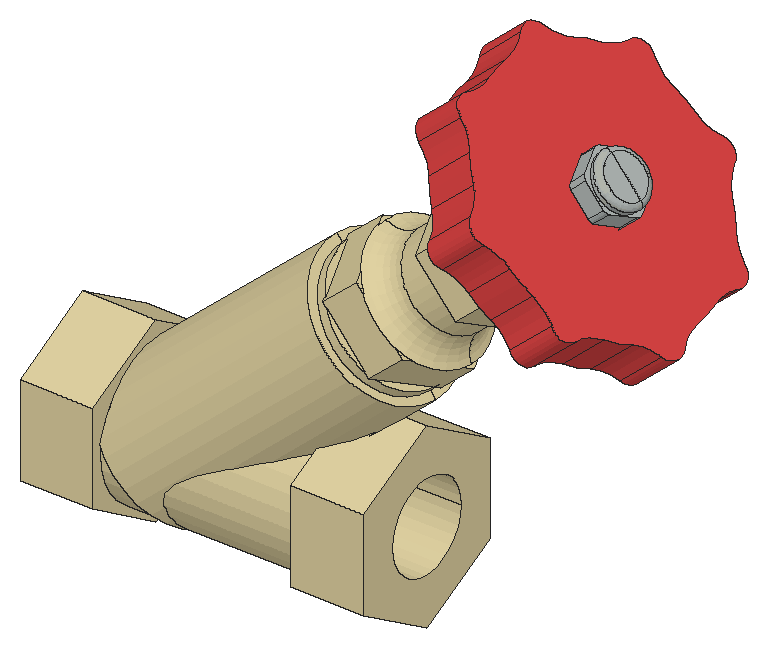
Revit family "DA01850000", category Apparecchi idraulici, Revit 2020
Family settings
  Quota connettore circolare = Usa diametro
  Tipo di parte = Normale
  Numero OmniClass = 23.45.00.00
  Titolo OmniClass = Sanitary, Laundry, and Cleaning Equipment
  Basato su piano di lavoro = No
  Sempre verticale = Sì
  Taglio con vuoti quando caricato = No
  Condiviso = No
  Punto di calcolo locali = No
Parameters
  URL = "https://web.cimberio.com/index.php/figura/1700?subcategoria_id="
  Temperatura di esercizio = "-10 ÷ 180°C"
  Prospetto di default = 0 mm
  Produttore = "CIMBERIO SPA"
  Pressione nominale = "PN 20"
  Modello = "Cim 73/O"
  Materiale = "Prodotto in lega di ottone conforme alla norma EN 12165-CW617N-DW"
  Descrizione = "Utilizzato nei più svariati settori dell’impiantistica ed in ogni applicazione industriale ed agricola dove è richiesta una regolazione: impianti di riscaldamento, idrici, igienico sanitari, aria compressa, reti di distribuzione vapore saturo, olii, benzine, petrolio ed altri idrocarburi e in generale con ogni fluido non corrosivo."
  DN Model [instance] = DA01851015 : DA01851015
  DN [instance] = 15 mm
  Commenti sul tipo = "Realizzato in ottemperanza ai requisiti gestionali della norma EN ISO 9001.\r\nCollaudato al 100% secondo la normativa EN 12266-1"
Reference planes
  plane 1 "Centro (Fronte/Retro)": y = 0
  plane 2: z = 0
  plane 3 "Centro (Sinistra/Destra)": x = 0
Dimensions and locks
  aligned and locked: level to plane 2
Nested families
  nested 1: "DA01851015" at (0, 0, 0), type <- "DN Model", type "DA01851015"
  nested 2: "DA01851015" at (0, 0, 0), type <- "DN Model", type "DA01851015"
  nested 3: "DA01851015" at (0, 0, 0), type <- "DN Model", type "DA01851015"
  nested 4: "DA01851015" at (0, 0, 0), type <- "DN Model", type "DA01851015"
  nested 5: "DA01851015" at (0, 0, 0), type <- "DN Model", type "DA01851015"
  nested 6: "DA01851015" at (0, 0, 0), type <- "DN Model", type "DA01851015"
Connectors
  piping at (29.5, 0, 0), diameter 15, driven by "DN"
    settings: on nested 1, index 1, connector inside diameter 609.6 mm, connector length 0 mm, flow factor 0, pipe flow 0.0 L/s, pressure drop 0.0 Pa, fitting loss kfactor 0, connector angle 0.00°, fixture units 0, engagement length 0 mm, angle of deflection 0.00°, flow configuration 0, flow direction 0, fitting loss method 0, system type 7, joint type 0, gender type 0, connector reference index -1, connector utility 0, adjustable connector no, is connector primary yes, connector description ""
  piping at (-29.5, 0, 0), diameter 15, driven by "DN"
    settings: on nested 1, index 2, connector inside diameter 609.6 mm, connector length 0 mm, flow factor 0, pipe flow 0.0 L/s, pressure drop 0.0 Pa, fitting loss kfactor 0, connector angle 0.00°, fixture units 0, engagement length 0 mm, angle of deflection 0.00°, flow configuration 0, flow direction 0, fitting loss method 0, system type 7, joint type 0, gender type 0, connector reference index -1, connector utility 0, adjustable connector no, is connector primary no, connector description ""
Definition of nested family "DA01851015"
  Parameters (values of type "DA01851015")
    Default Elevation = 0 mm
  Reference planes
    plane 1 "Centro (Fronte/Retro)": y = 0
    plane 2: z = 0
    plane 3 "Centro (Sinistra/Destra)": x = 0
  Forms (mm)
    Revolve 1, solid
      sketch origin (0, 0, 0) x (1, 0, 0) y (0, 0, 1)
        loop
          line (16.985, -12) -> (16.985, -7.5) -> (-16.985, -7.5) -> (-16.985, -12) -> (16.985, -12)
        axis (-16.985, 0) -> (16.985, 0)
      angle from 0 to 360
    Extrusion 2, solid
      sketch origin (0, 0, 0) x (0, 1, 0) y (0, 0, 1)
        loop
          circle (0, 0) r 7.5
        loop
          line (0, 15.5) -> (-13.423, 7.75) -> (-13.423, -7.75) -> (0, -15.5) -> (13.423, -7.75) -> (13.423, 7.75) -> (0, 15.5)
      from -29.5 to -16.985
    Revolve 3, solid
      sketch origin (3.886, 0, 13.738) x (0.656059, 0, -0.75471) y (0.75471, 0, 0.656059)
        loop
          line (0, 26.632) -> (-11.528, 26.632) -> (-11.528, 24.743) -> (-13.028, 24.743) -> (-13.028, -23.461) -> (0, -23.461) -> (0, 26.632)
        axis (0, 26.632) -> (0, -23.461)
      angle from 0 to 360
    Extrusion 4, solid
      sketch origin (3.886, 0, 13.738) x (0, -1, 0) y (0.656059, 0, -0.75471)
        loop
          line (0, -12) -> (10.392, -6) -> (10.392, 6) -> (0, 12) -> (-10.392, 6) -> (-10.392, -6) -> (0, -12)
      from 26.632 to 34.304
    Revolve 5, solid
      sketch origin (2, 0, 12.098) x (0.656059, 0, -0.75471) y (0.75471, 0, 0.656059)
        loop
          line (0, 48) -> (-7.95, 48) -> (-8, 41.503)
          arc (-8, 41.503) -> (-8.914, 38.642) -> (-11.29, 36.804) r 5.056
          line (-11.29, 36.804) -> (0, 36.804) -> (0, 48)
        axis (0, 48) -> (0, 36.804)
      angle from 0 to 360
    Extrusion 6, solid
      sketch origin (3.886, 0, 13.738) x (0, -1, 0) y (0.656059, 0, -0.75471)
        loop
          line (0, -10.4) -> (9.007, -5.2) -> (9.007, 5.2) -> (0, 10.4) -> (-9.007, 5.2) -> (-9.007, -5.2) -> (0, -10.4)
      from 45.5 to 55.5
    Revolve 7, solid
      sketch origin (2, 0, 12.098) x (0.656059, 0, -0.75471) y (0.75471, 0, 0.656059)
        loop
          line (-8, 67) -> (-8, 65.501)
          arc (-8, 65.501) -> (-7.853, 65.147) -> (-7.499, 65) r 0.501
          line (-7.499, 65) -> (-4, 65) -> (-4, 58) -> (0, 58) -> (0, 67) -> (-8, 67)
        axis (0, 67) -> (0, 58)
      angle from 0 to 360
    Extrusion 8, solid
      sketch origin (3.887, 0, 13.738) x (0.613405, 0.354687, -0.705642) y (-0.232696, 0.934985, 0.267686)
        loop
          line (-1.377, 5.329) -> (-4.94, 2.419)
          arc (-4.94, 2.419) -> (-5.249, 1.991) -> (-5.302, 1.465) r 1.021
          line (-5.302, 1.465) -> (-4.565, -3.074)
          arc (-4.565, -3.074) -> (-4.349, -3.551) -> (-3.924, -3.858) r 1.012
          line (-3.924, -3.858) -> (0.37, -5.486)
          arc (0.37, -5.486) -> (0.9, -5.54) -> (1.387, -5.321) r 1.03
          line (1.387, -5.321) -> (4.931, -2.427)
          arc (4.931, -2.427) -> (5.246, -1.989) -> (5.3, -1.452) r 1.042
          line (5.3, -1.452) -> (4.567, 3.058)
          arc (4.567, 3.058) -> (4.346, 3.549) -> (3.909, 3.863) r 1.04
          line (3.909, 3.863) -> (-0.382, 5.491)
          arc (-0.382, 5.491) -> (-0.901, 5.543) -> (-1.377, 5.329) r 1.007
      from 73 to 77.5
    Revolve 9, solid
      sketch origin (2.611, 0, 12.629) x (0.656059, 0, -0.75471) y (0.75471, 0, 0.656059)
        loop
          line (0, 81) -> (0, 79.19) -> (4.75, 79.19) -> (4.75, 80)
          arc (4.75, 80) -> (4.457, 80.707) -> (3.75, 81) r 1
          line (3.75, 81) -> (0, 81)
        axis (0, 81) -> (0, 79.19)
      angle from 0 to 360
    Extrusion 10, solid
      sketch origin (3.886, 0, 13.738) x (0.656059, 0, -0.75471) y (0, 1, 0)
        loop
          spline (-11.968, 20.777) -> (-12.425, 20.871) -> (-12.866, 20.906) -> (-13.287, 20.88) -> (-13.682, 20.795) -> (-14.047, 20.652) -> (-14.377, 20.452) -> (-14.669, 20.197) -> (-14.918, 19.891) -> (-15.122, 19.537) -> (-15.278, 19.14) -> (-15.384, 18.705) -> (-15.439, 18.236)
          arc (-15.439, 18.236) -> (-15.956, 15.864) -> (-17.167, 13.758) r 7.932
          arc (-17.167, 13.758) -> (-18.555, 11.82) -> (-19.725, 9.743) r 22
          arc (-19.725, 9.743) -> (-21.109, 7.745) -> (-23.054, 6.285) r 7.604
          spline (-23.054, 6.285) -> (-23.461, 6.032) -> (-23.815, 5.747) -> (-24.111, 5.431) -> (-24.346, 5.09) -> (-24.516, 4.728) -> (-24.619, 4.349) -> (-24.654, 3.958) -> (-24.621, 3.559) -> (-24.52, 3.159) -> (-24.352, 2.761) -> (-24.12, 2.371) -> (-23.826, 1.994)
          arc (-23.826, 1.994) -> (-22.509, -0.058) -> (-21.868, -2.41) r 8.033
          arc (-21.868, -2.41) -> (-21.479, -4.762) -> (-20.837, -7.058) r 22
          arc (-20.837, -7.058) -> (-20.41, -9.45) -> (-20.746, -11.858) r 7.744
          spline (-20.746, -11.858) -> (-20.855, -12.32) -> (-20.903, -12.769) -> (-20.891, -13.198) -> (-20.818, -13.602) -> (-20.686, -13.976) -> (-20.495, -14.316) -> (-20.248, -14.618) -> (-19.949, -14.877) -> (-19.601, -15.09) -> (-19.208, -15.255) -> (-18.776, -15.371) -> (-18.308, -15.434)
          arc (-18.308, -15.434) -> (-15.903, -15.958) -> (-13.759, -17.167) r 8.269
          arc (-13.759, -17.167) -> (-11.821, -18.555) -> (-9.743, -19.725) r 22
          arc (-9.743, -19.725) -> (-7.757, -21.119) -> (-6.287, -23.051) r 7.912
          spline (-6.287, -23.051) -> (-6.033, -23.46) -> (-5.747, -23.815) -> (-5.43, -24.112) -> (-5.088, -24.347) -> (-4.724, -24.517) -> (-4.343, -24.62) -> (-3.95, -24.654) -> (-3.55, -24.62) -> (-3.147, -24.516) -> (-2.748, -24.346) -> (-2.357, -24.111) -> (-1.979, -23.813)
          arc (-1.979, -23.813) -> (0.061, -22.492) -> (2.41, -21.868) r 7.748
          arc (2.41, -21.868) -> (4.762, -21.479) -> (7.058, -20.837) r 22
          arc (7.058, -20.837) -> (9.442, -20.417) -> (11.84, -20.741) r 7.867
          spline (11.84, -20.741) -> (12.31, -20.853) -> (12.766, -20.903) -> (13.201, -20.891) -> (13.611, -20.816) -> (13.99, -20.679) -> (14.334, -20.483) -> (14.637, -20.229) -> (14.896, -19.922) -> (15.109, -19.564) -> (15.271, -19.161) -> (15.382, -18.717) -> (15.439, -18.238)
          arc (15.439, -18.238) -> (15.934, -15.856) -> (17.167, -13.759) r 7.487
          arc (17.167, -13.759) -> (18.555, -11.821) -> (19.725, -9.743) r 22
          arc (19.725, -9.743) -> (21.126, -7.76) -> (23.054, -6.285) r 8.056
          spline (23.054, -6.285) -> (23.463, -6.032) -> (23.817, -5.745) -> (24.114, -5.428) -> (24.348, -5.086) -> (24.518, -4.722) -> (24.62, -4.341) -> (24.654, -3.948) -> (24.619, -3.549) -> (24.516, -3.147) -> (24.346, -2.748) -> (24.111, -2.357) -> (23.813, -1.979)
          arc (23.813, -1.979) -> (22.516, 0.071) -> (21.868, 2.41) r 8.284
          arc (21.868, 2.41) -> (21.479, 4.762) -> (20.837, 7.058) r 22
          arc (20.837, 7.058) -> (20.407, 9.418) -> (20.727, 11.795) r 7.666
          spline (20.727, 11.795) -> (20.846, 12.275) -> (20.902, 12.739) -> (20.892, 13.184) -> (20.818, 13.602) -> (20.68, 13.988) -> (20.48, 14.337) -> (20.221, 14.645) -> (19.906, 14.908) -> (19.539, 15.121) -> (19.125, 15.282) -> (18.67, 15.39) -> (18.179, 15.442)
          arc (18.179, 15.442) -> (15.833, 15.955) -> (13.759, 17.167) r 7.692
          arc (13.759, 17.167) -> (11.821, 18.555) -> (9.743, 19.725) r 22
          arc (9.743, 19.725) -> (7.755, 21.12) -> (6.285, 23.054) r 7.902
          spline (6.285, 23.054) -> (6.03, 23.465) -> (5.741, 23.821) -> (5.422, 24.119) -> (5.077, 24.353) -> (4.71, 24.522) -> (4.326, 24.623) -> (3.931, 24.654) -> (3.528, 24.616) -> (3.124, 24.508) -> (2.723, 24.333) -> (2.33, 24.092) -> (1.951, 23.788)
          arc (1.951, 23.788) -> (-0.079, 22.486) -> (-2.41, 21.868) r 7.781
          arc (-2.41, 21.868) -> (-4.762, 21.479) -> (-7.058, 20.837) r 22
          arc (-7.058, 20.837) -> (-9.509, 20.444) -> (-11.968, 20.777) r 8.484
        loop
          line (-3.177, 4.495) -> (-5.477, 0.51)
          arc (-5.477, 0.51) -> (-5.613, 0) -> (-5.477, -0.511) r 1.021
          line (-5.477, -0.511) -> (-3.177, -4.492)
          arc (-3.177, -4.492) -> (-2.806, -4.863) -> (-2.3, -4.998) r 1.012
          line (-2.3, -4.998) -> (2.292, -4.998)
          arc (2.292, -4.998) -> (2.807, -4.86) -> (3.184, -4.482) r 1.03
          line (3.184, -4.482) -> (5.472, -0.52)
          arc (5.472, -0.52) -> (5.611, 0.001) -> (5.471, 0.522) r 1.042
          line (5.471, 0.522) -> (3.186, 4.479)
          arc (3.186, 4.479) -> (2.805, 4.86) -> (2.285, 4.999) r 1.04
          line (2.285, 4.999) -> (-2.304, 4.999)
          arc (-2.304, 4.999) -> (-2.808, 4.864) -> (-3.177, 4.495) r 1.007
      from 64.5 to 73.947
    Extrusion 11, solid
      sketch origin (0, 0, 0) x (0, 1, 0) y (0, 0, -1)
        loop
          circle (0, 0) r 7.5
        loop
          line (0, -15.5) -> (13.423, -7.75) -> (13.423, 7.75) -> (0, 15.5) -> (-13.423, 7.75) -> (-13.423, -7.75) -> (0, -15.5)
      from -29.5 to -16.985
  Dimensions and locks
    aligned and locked: level to plane 2
